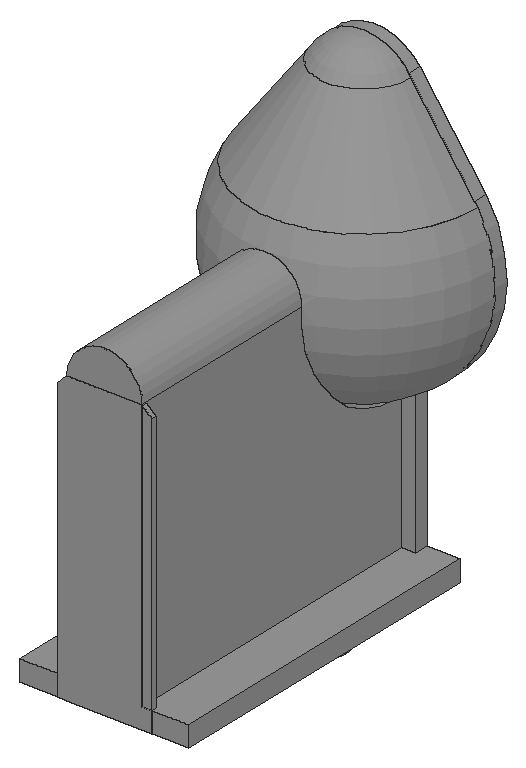
Revit family "Toilet-Willoughby-1490-ETW-FM-TS-HC", category Plumbing Fixtures, host Face, Revit 2014
Parameters (values of type "Standard")
  Waste DIA = 2 1/2"
  Waste Connection = yes
  Vent Connection = no
  URL = "www.willoughby-ind.com"
  Type Comments = "Blowout Series"
  Revision = "A"
  Model = "ETW-1490-FM-TS-HC"
  Manufacturer = "Willoughby Industries"
  HW Connection = no
  Flush Inlet DIA = 1 1/2"
  Flush Inlet Connection = yes
  Fixture Body = Stainless Steel AISI 304-Willoughby
  Description = "HandicapToilet"
  Default Elevation = 0' - 0"
  Contact = "(800) 428-4065"
  CW Connection = no
Reference planes (in)
  plane 1 "Center (Front/Back)": y = 0
  plane 2: z = 0
  plane 3 "Center (Left/Right)": x = 0
  plane 4 "Seat": y = 18
  plane 5 "Top": y = 19
  plane 6: y = 17.25
  plane 7: z = 18.5
  plane 8: z = 14.933
  plane 9: x = 2.5
  plane 10: x = -2.5
  plane 11: z = 15.30775
  plane 12: x = 7
  plane 13: z = 18.24525
  plane 14: z = 8
  plane 15: z = 10
  plane 16: y = 14.5
  plane 17: y = 19.75
  plane 18: x = 2
  plane 19: x = -2
  plane 20: z = 25.75
  plane 21: x = 4.5
  plane 22: x = -4.5
  plane 23: z = 1.125
  plane 24: z = -3
  plane 25: y = 22
  plane 26: z = 2.75
Forms (in)
  Extrusion 1, solid, material "Stainless Steel AISI 304-Willoughby" <- "Fixture Body"
    sketch origin (0, 0, 0) x (1, 0, 0) y (0, 1, 0)
      loop
        line (-4.5, 0) -> (4.5, 0) -> (4.5, 18) -> (-4.5, 18) -> (-4.5, 0)
    from 0 to 1.125
  Revolve 2, solid, material "Stainless Steel AISI 304-Willoughby" <- "Fixture Body"
    sketch origin (-60, 17.25, 55.20755) x (-1, 0, 0) y (0, 0, 1)
      loop
        line (-60, -46.89981) -> (-60, -46.39981)
        arc (-60, -46.39981) -> (-65.42136, -42.59037) -> (-65.23755, -35.96698) r 7
        line (-65.23755, -35.96698) -> (-62.05388, -31.72393) -> (-61.99416, -31.59711)
        arc (-61.99416, -31.59711) -> (-61.12675, -30.82597) -> (-60, -30.54756) r 2.41924
        line (-60, -30.54756) -> (-60, -30.06664)
        arc (-60, -30.06664) -> (-61.44008, -30.44944) -> (-62.5, -31.49678) r 2.90017
        line (-62.5, -31.49678) -> (-66.0721, -36.41706)
        arc (-66.0721, -36.41706) -> (-66.0572, -43.40842) -> (-60, -46.89981) r 7
      axis (-60, -30.06664) -> (-60, -46.89981)
    angle from 0 to 180
  Extrusion 3, solid, material "Stainless Steel AISI 304-Willoughby" <- "Fixture Body"
    sketch origin (0, 0, 7.20755) x (1, 0, 0) y (0, 0, 1)
      loop
        line (-2.75, 1.72332) -> (-2.75, -6.08255) -> (2.75, -6.08255) -> (2.75, 1.7173)
        arc (2.75, 1.7173) -> (6.68642, 6.02823) -> (5.9122, 11.81443) r 6.90394
        line (5.9122, 11.81443) -> (2.39932, 16.65314)
        arc (2.39932, 16.65314) -> (-0.09029, 17.88384) -> (-2.5, 16.50322) r 2.95222
        line (-2.5, 16.50322) -> (-6.0792, 11.57317)
        arc (-6.0792, 11.57317) -> (-6.60519, 5.90783) -> (-2.75, 1.72332) r 7
      loop
        arc (-3.42861, 9.875) -> (0, 4.09219) -> (3.42861, 9.875) r 3.90781
        line (3.42861, 9.875) -> (1.45817, 16.45616)
        arc (1.45817, 16.45616) -> (-0.05754, 17.35793) -> (-1.5058, 16.35139) r 1.629
        line (-1.5058, 16.35139) -> (-3.42861, 9.875)
    from -18 to -17.25
  Extrusion 4, solid, material "Stainless Steel AISI 304-Willoughby" <- "Fixture Body"
    sketch origin (0, 0, 7.20827) x (0, 1, 0) y (0, 0, 1)
      loop
        line (0, 8.29885) -> (0, -6.20827) -> (17.25, -6.20827) -> (17.25, 1.12333)
        arc (17.25, 1.12333) -> (12.47455, 3.27791) -> (10.97879, 8.29885) r 6.30139
        line (10.97879, 8.29885) -> (0, 8.29885)
    from 2 to -2
  Revolve 5, solid, material "Stainless Steel AISI 304-Willoughby" <- "Fixture Body"
    sketch origin (0, 14.5, -24) x (0, 0, -1) y (-1, 0, 0)
      loop
        line (-25, 0) -> (-21, 0) -> (-21, 1.25) -> (-25, 1.25) -> (-25, 0)
      axis (-25, 0) -> (-21, 0)
    angle from 0 to 360
  Revolve 6, solid, material "Stainless Steel AISI 304-Willoughby" <- "Fixture Body"
    sketch origin (0, 0, 0) x (0, 1, 0) y (0, 0, 1)
      loop
        line (19, 2.75) -> (16, 2.75) -> (16, 2) -> (19, 2) -> (19, 2.75)
      axis (19, 2.75) -> (16, 2.75)
    angle from 0 to 360
  Extrusion 7, solid, material "Stainless Steel AISI 304-Willoughby" <- "Fixture Body"
    sketch origin (0, 0, 0) x (1, 0, 0) y (0, 0, 1)
      loop
        line (2, 0) -> (2.5, 0) -> (2.5, 15) -> (2, 15.5) -> (-2, 15.5) -> (-2.5, 15) -> (-2.5, 0) -> (-2, 0) -> (2, 0)
    from 0 to -0.25
  Extrusion 8, solid, material "Stainless Steel AISI 304-Willoughby" <- "Fixture Body"
    sketch origin (0, 0, 0) x (1, 0, 0) y (0, 0, 1)
      loop
        arc (2, 15.5) -> (0, 17.5) -> (-2, 15.5) r 2
        line (-2, 15.5) -> (2, 15.5)
    from 0 to -10.67767
Cuts and joins
  joined: Extrusion 1, Revolve 2, Extrusion 4
Lines and regions (in)
  symbolic lines
    curve 1: line (2, 0.25, 0) -> (2.5, 0.25, 0)
    curve 2: line (2.5, 0.25, 0) -> (2.5, 0, 0)
    curve 3: line (2.5, 0, 0) -> (-2.5, 0, 0)
    curve 4: line (-2.5, 0, 0) -> (-2.5, 0.25, 0)
    curve 5: line (-2.5, 0.25, 0) -> (-2, 0.25, 0)
    curve 6: line (-7, 17.25, 0) -> (-7, 18, 0)
    curve 7: line (-7, 18, 0) -> (7.00196, 18, 0)
    curve 8: line (7.00196, 18, 0) -> (7.00196, 17.25, 0)
    curve 9: arc (7.00196, 17.25, 0) -> (5.61382, 13.06611, 0) -> (2, 10.5418, 0) r 6.99922
    curve 10: arc (2, 10.5418, 0) -> (0, 10.61834, 0) -> (-2, 10.5418, 0) r 26.16613
    curve 11: arc (-2, 10.5418, 0) -> (-5.61249, 13.0667, 0) -> (-7, 17.25, 0) r 7
    curve 12: line (2, 10.5418, 0) -> (2, 0, 0)
    curve 13: line (-2, 10.5418, 0) -> (-2, 0, 0)
    curve 14: line (-2.75, 0, 8.93087) -> (-2.75, 0, 1.125)
    curve 15: line (-2.75, 0, 1.125) -> (-4.5, 0, 1.125)
    curve 16: line (-4.5, 0, 1.125) -> (-4.5, 0, 0)
    curve 17: line (-4.5, 0, 0) -> (4.5, 0, 0)
    curve 18: line (4.5, 0, 0) -> (4.5, 0, 1.125)
    curve 19: line (4.5, 0, 1.125) -> (2.75, 0, 1.125)
    curve 20: line (2.75, 0, 1.125) -> (2.75, 0, 8.92485)
    curve 21: arc (2.75, 0, 8.92485) -> (6.68642, 0, 13.23579) -> (5.9122, 0, 19.02199) r 6.90394
    curve 22: line (5.9122, 0, 19.02199) -> (2.39932, 0, 23.86069)
    curve 23: arc (2.39932, 0, 23.86069) -> (1.34707, 0, 24.77707) -> (0, 0, 25.14092) r 3.10883
    curve 24: arc (0, 0, 25.14092) -> (-1.45449, 0, 24.78331) -> (-2.5, 0, 23.71078) r 2.72376
    curve 25: line (-2.5, 0, 23.71078) -> (-6.0721, 0, 18.7905)
    curve 26: arc (-6.0721, 0, 18.7905) -> (-6.60686, 0, 13.12083) -> (-2.75, 0, 8.93087) r 6.99821
    curve 32: line (0, 10.67767, 17.5) -> (0, 0, 17.5)
    curve 33: line (0, 0, 17.5) -> (0, 0, 0)
    curve 34: line (0, 0, 0) -> (0, 18, 0)
    curve 35: line (0, 18, 0) -> (0, 18, 25.09277)
    curve 36: line (0, 18, 25.09277) -> (0, 17.25, 25.09277)
    curve 37: arc (0, 17.25, 25.09277) -> (0, 15.82172, 24.72428) -> (0, 14.75, 23.71078) r 2.95222
    curve 38: line (0, 14.75, 23.71078) -> (0, 11.1779, 18.7905)
    curve 39: arc (0, 11.1779, 18.7905) -> (0, 10.86253, 18.15775) -> (0, 10.60333, 17.5) r 8.12985
    curve 40: arc (0, 10.60333, 17.5) -> (0, 10.59028, 16.50307) -> (0, 10.54407, 15.50712) r 29.97618
    curve 41: arc (0, 10.54407, 15.50712) -> (0, 10.71035, 13.67853) -> (0, 11.42201, 11.98593) r 5.99798
    curve 42: arc (0, 11.42201, 11.98593) -> (0, 13.81176, 9.32269) -> (0, 17.25, 8.3316) r 6.4873
    curve 43: line (0, 18, 8.93087) -> (0, 17.25, 8.93087)
    curve 44: line (0, 17.25, 8.93087) -> (0, 17.25, 1.125)
    curve 45: line (0, 17.25, 1.125) -> (0, 0, 1.125)
    curve 46: line (-4.5, 11.8881, 0) -> (-4.5, 0, 0)
    curve 47: line (4.5, 11.88682, 0) -> (4.5, 0, 0)
    curve 48: line (2.5, 0, 0) -> (4.5, 0, 0)
    curve 49: line (-2.5, 0, 0) -> (-4.5, 0, 0)
  symbolic lines, detail levels fine
    curve 27: arc (-3.42861, 0, 17.08255) -> (0, 0, 11.29974) -> (3.42861, 0, 17.08255) r 3.90781
    curve 28: line (3.42861, 0, 17.08255) -> (1.45817, 0, 23.66371)
    curve 29: arc (1.45817, 0, 23.66371) -> (0.85751, 0, 24.32253) -> (0, 0, 24.5665) r 1.629
    curve 30: arc (0, 0, 24.5665) -> (-0.9059, 0, 24.29138) -> (-1.5058, 0, 23.55895) r 1.629
    curve 31: line (-1.5058, 0, 23.55895) -> (-3.42861, 0, 17.08255)
Dimensions and locks (in)
  equal spacing: plane 9, plane 3 "Center (Left/Right)", plane 10  (x2)
  locked: plane 9 to plane 10 at 5
  host face to plane 11 = 1' - 3.30775"
  plane 7 to level = 1' - 6 1/2"
  plane 5 "Top" to plane 1 "Center (Front/Back)" = 1' - 7"
  plane 4 "Seat" to plane 1 "Center (Front/Back)" = 1' - 6"
  plane 16 to plane 1 "Center (Front/Back)" = 1' - 2 1/2"
  plane 1 "Center (Front/Back)" to plane 16 = 1' - 2 1/2"
  plane 19 to plane 18 = 0' - 4"
  plane 6 to plane 1 "Center (Front/Back)" = 1' - 5 1/4"
  level to plane 20 = 2' - 1 3/4"
  plane 22 to plane 21 = 0' - 9"
  plane 1 "Center (Front/Back)" to plane 4 "Seat" = 1' - 6"
  plane 22 to plane 3 "Center (Left/Right)" = 0' - 4 1/2"
  plane 25 to plane 1 "Center (Front/Back)" = 1' - 10"
  equal spacing: plane 18, plane 3 "Center (Left/Right)", plane 19
  aligned and locked: plane 2 to host face
  aligned and locked: level to host face
  aligned and locked: plane 21 to Extrusion 1
  aligned and locked: Extrusion 1 to plane 22
  aligned and locked: plane 18 to Extrusion 4
  aligned and locked: Extrusion 4 to plane 19
  aligned and locked: Revolve 6 sketch curve to Revolve 6 sketch curve  (x2)
Automatic sketch dimensions
  host sketch curve to host sketch curve = 3' - 6.09429"
  host sketch curve to host sketch curve = 4' - 3.69331"
  Extrusion 1 sketch curve to plane 5 "Top" = 0' - 1"
  plane 15 to Extrusion 4 sketch curve = 0' - 5.50712"
  Extrusion 4 sketch curve to plane 6 = 0' - 0"
  Extrusion 4 sketch curve to plane 6 = 0' - 0.03075"
  plane 14 to Extrusion 4 sketch curve = 0' - 6.63292"
  level to Extrusion 4 sketch curve = 0' - 1"
  Extrusion 4 sketch curve to plane 6 = 0' - 6.27121"
  Revolve 2 sketch curve to Revolve 2 sketch curve = 0' - 0"  (x3)
  Revolve 2 sketch curve to plane 9 = 0' - 0"
  Revolve 2 sketch curve to plane 3 "Center (Left/Right)" = 0' - 0"  (x3)
  Revolve 2 sketch curve to plane 11 = 0' - 0"
  Revolve 2 sketch curve to plane 9 = 0' - 0.44612"
  Revolve 2 sketch curve to Revolve 2 sketch curve = 0' - 0.05972"
  plane 11 to Revolve 2 sketch curve = 0' - 0.45007"
  Revolve 2 sketch curve to plane 3 "Center (Left/Right)" = 0' - 0.83455"
  level to Revolve 2 sketch curve = 0' - 8.80775"
  Revolve 2 sketch curve to Revolve 2 sketch curve = 0' - 0 1/2"
  plane 8 to Revolve 2 sketch curve = 0' - 7.30775"
  plane 8 to Revolve 2 sketch curve = 0' - 8.55063"
  Revolve 2 sketch curve to Revolve 2 sketch curve = 0' - 0.12681"
  Revolve 2 sketch curve to Revolve 2 sketch curve = 0' - 0.22715"
  Revolve 5 sketch curve to plane 3 "Center (Left/Right)" = 0' - 0"  (x2)
  level to Revolve 5 sketch curve = 0' - 1"
  Revolve 5 sketch curve to level = 0' - 3"
  Revolve 5 sketch curve to Revolve 5 sketch curve = 0' - 1 1/4"
  Revolve 5 sketch curve to Revolve 5 sketch curve = 0' - 0"
  Revolve 5 sketch curve to Revolve 5 sketch curve = 0' - 1 3/4"
  Extrusion 1 sketch curve to plane 10 = 0' - 2"
  plane 9 to Extrusion 1 sketch curve = 0' - 2"
  plane 7 to Revolve 2 sketch curve = 0' - 0.74057"
  plane 7 to Revolve 2 sketch curve = 0' - 0.2905"
  plane 1 "Center (Front/Back)" to Extrusion 1 sketch curve = 0' - 0"
  Extrusion 4 sketch curve to plane 1 "Center (Front/Back)" = 0' - 0"
  Revolve 6 sketch curve to plane 26 = 0' - 0"  (x2)
  Revolve 6 sketch curve to plane 5 "Top" = 0' - 0"
  Revolve 6 sketch curve to plane 6 = 0' - 1 1/4"
  Revolve 6 sketch curve to Revolve 6 sketch curve = 0' - 0 3/4"
  Revolve 6 sketch curve to Revolve 6 sketch curve = 0' - 0"
  Extrusion 7 sketch curve to plane 10 = 0' - 0"
  Extrusion 7 sketch curve to level = 0' - 0"
  plane 19 to Extrusion 7 sketch curve = 0' - 0"
  Extrusion 7 sketch curve to plane 19 = 0' - 0"
  Extrusion 7 sketch curve to plane 18 = 0' - 0"
  plane 18 to Extrusion 7 sketch curve = 0' - 0"
  plane 9 to Extrusion 7 sketch curve = 0' - 0"
  plane 8 to Extrusion 7 sketch curve = 0' - 0.067"  (x2)
  plane 8 to Extrusion 7 sketch curve = 0' - 0.567"
  Extrusion 8 sketch curve to plane 19 = 0' - 0"
  Extrusion 8 sketch curve to plane 18 = 0' - 0"
  plane 8 to Extrusion 8 sketch curve = 0' - 0.567"
  Extrusion 3 sketch curve to plane 23 = 0' - 0"
  Extrusion 3 sketch curve to plane 10 = 0' - 0"
  Extrusion 3 sketch curve to plane 3 "Center (Left/Right)" = 0' - 0"  (x3)
  Extrusion 3 sketch curve to plane 10 = 0' - 0 1/4"
  Extrusion 3 sketch curve to plane 10 = 0' - 0.92861"
  plane 7 to Extrusion 3 sketch curve = 0' - 0.28072"
  Extrusion 3 sketch curve to plane 22 = 0' - 1.5792"
  plane 19 to Extrusion 3 sketch curve = 0' - 0.4942"
  plane 3 "Center (Left/Right)" to Extrusion 3 sketch curve = 0' - 0.02626"
  Extrusion 3 sketch curve to Extrusion 3 sketch curve = 0' - 0.07176"
  Extrusion 3 sketch curve to plane 18 = 0' - 0.54183"
  Extrusion 3 sketch curve to plane 9 = 0' - 0.10068"
  plane 9 to Extrusion 3 sketch curve = 0' - 0 1/4"
  plane 9 to Extrusion 3 sketch curve = 0' - 0.92861"
  plane 14 to Extrusion 3 sketch curve = 0' - 0.92485"
  plane 14 to Extrusion 3 sketch curve = 0' - 0.93087"
  Extrusion 3 sketch curve to Extrusion 3 sketch curve = 0' - 0.14923"
  Extrusion 3 sketch curve to Extrusion 3 sketch curve = 0' - 0.05766"
  Extrusion 3 sketch curve to plane 7 = 0' - 1.41745"
  Extrusion 3 sketch curve to plane 20 = 0' - 3.60945"
  Extrusion 3 sketch curve to Extrusion 3 sketch curve = 0' - 0.79695"
  Extrusion 3 sketch curve to Extrusion 3 sketch curve = 0' - 0.62145"
  Extrusion 3 sketch curve to Extrusion 3 sketch curve = 0' - 0.15183"
  plane 7 to Extrusion 3 sketch curve = 0' - 0.52199"
  curve 29 to curve 30 = 0' - 0"
  curve 17 to level = 0' - 0"
  curve 17 to plane 22 = 0' - 0"
  curve 14 to plane 23 = 0' - 0"
  curve 24 to plane 10 = 0' - 0"
  curve 30 to plane 3 "Center (Left/Right)" = 0' - 0"
  curve 27 to plane 3 "Center (Left/Right)" = 0' - 0"
  curve 23 to plane 3 "Center (Left/Right)" = 0' - 0"
  curve 24 to plane 3 "Center (Left/Right)" = 0' - 0"
  curve 19 to plane 23 = 0' - 0"
  curve 18 to plane 21 = 0' - 0"
  plane 7 to curve 25 = 0' - 0.2905"
  curve 25 to plane 22 = 0' - 1.5721"
  curve 14 to plane 10 = 0' - 0 1/4"
  curve 23 to plane 3 "Center (Left/Right)" = 0' - 0.11643"
  curve 24 to plane 3 "Center (Left/Right)" = 0' - 0.10201"
  plane 3 "Center (Left/Right)" to curve 26 = 0' - 0.02502"
  curve 26 to curve 21 = 0' - 0.073"
  curve 28 to plane 18 = 0' - 0.54183"
  curve 22 to plane 9 = 0' - 0.10068"
  plane 9 to curve 20 = 0' - 0 1/4"
  plane 9 to curve 28 = 0' - 0.92861"
  plane 7 to curve 22 = 0' - 0.52199"
  plane 21 to curve 22 = 0' - 1.4122"
  plane 14 to curve 20 = 0' - 0.92485"
  plane 14 to curve 14 = 0' - 0.93087"
  curve 27 to curve 21 = 0' - 0.09157"
  curve 28 to plane 7 = 0' - 1.41745"
  plane 7 to curve 23 = 0' - 3.53426"
  curve 23 to curve 24 = 0' - 0.38481"
  curve 24 to curve 30 = 0' - 0.51843"
  curve 28 to curve 22 = 0' - 0.19698"
  curve 27 to plane 10 = 0' - 0.92861"
  plane 19 to curve 30 = 0' - 0.4942"
  curve 33 to plane 1 "Center (Front/Back)" = 0' - 0"
  curve 36 to plane 6 = 0' - 0"
  curve 45 to plane 6 = 0' - 0"
  curve 35 to level = 0' - 0"
  curve 35 to plane 4 "Seat" = 0' - 0"
  curve 44 to plane 23 = 0' - 0"
  curve 40 to plane 7 = 0' - 1.10603"
  plane 1 "Center (Front/Back)" to curve 40 = 1' - 7.37266"
  plane 7 to curve 38 = 0' - 0.2905"
  curve 38 to plane 16 = 0' - 3.3221"
  plane 16 to curve 38 = 0' - 0 1/4"
  plane 8 to curve 41 = 0' - 0.19657"
  curve 41 to plane 6 = 0' - 0.71984"
  plane 6 to curve 42 = 0' - 0.00804"
  curve 39 to plane 8 = 0' - 0.08196"
  plane 4 "Seat" to curve 39 = 0' - 0.28952"
  plane 14 to curve 44 = 0' - 0.93087"
  curve 42 to plane 8 = 0' - 0.11411"
  curve 32 to plane 7 = 0' - 1"
  curve 37 to plane 20 = 0' - 3.60945"
  curve 38 to plane 20 = 0' - 2.03922"
  plane 8 to curve 40 = 0' - 0.57412"
  curve 41 to curve 40 = 0' - 0"
  curve 39 to curve 32 = 0' - 0.07434"
  plane 15 to curve 42 = 0' - 1.98593"
  curve 11 to plane 6 = 0' - 0"
  curve 6 to plane 4 "Seat" = 0' - 0"
  curve 46 to plane 22 = 0' - 0"
  curve 4 to plane 10 = 0' - 0"
  curve 13 to plane 19 = 0' - 0"
  curve 11 to plane 3 "Center (Left/Right)" = 0' - 0"
  curve 10 to plane 3 "Center (Left/Right)" = 0' - 0"
  curve 9 to plane 6 = 0' - 0"
  plane 1 "Center (Front/Back)" to curve 12 = 0' - 0"
  curve 12 to plane 18 = 0' - 0"
  curve 1 to plane 9 = 0' - 0"
  curve 47 to plane 21 = 0' - 0"
  curve 7 to plane 22 = 0' - 2 1/2"
  plane 3 "Center (Left/Right)" to curve 9 = 0' - 0.00274"
  plane 1 "Center (Front/Back)" to curve 10 = 1' - 3.54779"
  curve 3 to curve 4 = 0' - 0 1/4"
  curve 2 to curve 2 = 0' - 0 1/4"
Connectors (in)
  piping at (0, 14.5, -3), diameter 2.5, driven by "Waste Connection", driven by "Waste DIA"
    settings: on Revolve 5, index 1, connector inside diameter 24", connector length 0' - 0", flow factor 0, pipe flow 0 GPM, pressure drop 0.00 psi, fitting loss kfactor 0, connector angle 0.00°, fixture units 0, engagement length 0' - 0", angle of deflection 0.00°, flow configuration 0, flow direction 2, fitting loss method 0, system type 16, joint type 0, gender type 0, connector reference index -1, connector utility 1, adjustable connector no, is connector primary yes, connector description "Toilet Waste"
  piping at (0, 19, 2.75), diameter 1.5, driven by "Flush Inlet Connection", driven by "Flush Inlet DIA"
    settings: on Revolve 6, index 2, connector inside diameter 24", connector length 0' - 0", flow factor 0, pipe flow 0 GPM, pressure drop 0.00 psi, fitting loss kfactor 0, connector angle 0.00°, fixture units 0, engagement length 0' - 0", angle of deflection 0.00°, flow configuration 0, flow direction 1, fitting loss method 0, system type 20, joint type 0, gender type 0, connector reference index -1, connector utility 1, adjustable connector no, is connector primary no, connector description "Flush Inlet"
